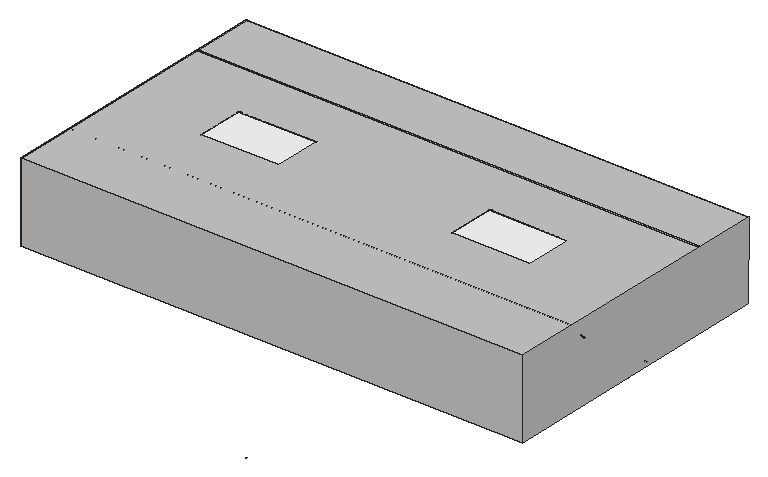
Revit family "QF_ELECTROLUXPROFESSIONAL_642040_EC1832T", category Specialty Equipment, Revit 2014
Reference planes
  plane 1: z = 0
  plane 2 "Center (Left/Right)": x = 150
  plane 3 "LEFT": x = -1450
  plane 4 "RIGHT": x = 1750
  plane 5 "BACK": y = 550
  plane 6 "TOP": z = 2500
  plane 7 "Base": z = 2000
  plane 8: z = 1946
  plane 9: x = -1447
  plane 10 "DrainX": x = 1599
  plane 11 "AOLeft2": x = -400
  plane 12 "AORight1": x = 700
  plane 13: x = 1747
  plane 14: x = -1250
  plane 15: x = 1550
  plane 16: x = 50
  plane 17: x = 250
  plane 18 "AOLeft1": x = -900
  plane 19 "AORight2": x = 1200
  plane 20: y = -200
  plane 21 "Front": y = -1250
  plane 22: through (0, 60.354, 2382.279) normal (0, 0.766, -0.6428)
  plane 23: through (0, -760.351, 2382.279) normal (0, -0.766, -0.6428)
  plane 24: through (0, 72.154, 2402.468) normal (0, -0.753, 0.6581)
  plane 25: through (0, -772.152, 2402.468) normal (0, -0.753, -0.6581)
  plane 26 "Center (Front/Back)": y = -350
  plane 27: y = -500
Forms (mm)
  Extrusion 1, solid, material "QF_Finishes_Stainless Steel"
    sketch origin (-1450, 0, 360) x (0, 1, 0) y (0, 0, 1)
      loop
        line (550, 1640) -> (550, 2140) -> (-1250, 2140) -> (-1250, 1640) -> (550, 1640)
    from 0 to 3
  Extrusion 2, solid, material "QF_Finishes_Stainless Steel"
    sketch origin (1750, 0, 360) x (0, 1, 0) y (0, 0, 1)
      loop
        line (550, 1640) -> (550, 2140) -> (-1250, 2140) -> (-1250, 1640) -> (550, 1640)
    from 0 to -3
  Extrusion 3, solid, material "QF_Finishes_Stainless Steel"
    sketch origin (150, 0, 360) x (0, 1, 0) y (0, 0, 1)
      loop
        line (-1250, 2140) -> (-1250, 1640) -> (-1240, 1640) -> (-1240, 1640.8) -> (-1249.2, 1640.8) -> (-1249.2, 2139.19) -> (549.2, 2139.19) -> (549.2, 1640.8) -> (540, 1640.8) -> (540, 1640) -> (550, 1640) -> (550, 2140) -> (-1250, 2140)
    from -1600 to 1600
  Extrusion 4, solid, material "QF_Finishes_Stainless Steel"
    sketch origin (0, -900, 2000) x (0, 1, 0) y (-1, 0, 0)
      loop
        circle (550, -1599) r 6.35
    from -3.799 to 0
  Extrusion 5, void
    sketch origin (0, 200, 2500) x (0, 1, 0) y (-1, 0, 0)
      loop
        line (-400, 400) -> (-400, 900) -> (-700, 900) -> (-700, 400) -> (-400, 400)
    from 0 to -10
  Extrusion 6, solid, material "QF_Finishes_Stainless Steel"
    sketch origin (0, 0, 0) x (1, 0, 0) y (0, 1, 0)
      loop
        line (-1450, 550) -> (-1450, 549) -> (-1449, 549) -> (-1449, 550) -> (-1450, 550)
    from 0 to 1
  Extrusion 7, solid, material "QF_Finishes_Stainless Steel"
    sketch origin (150, -200, 360) x (0, 1, 0) y (0, 0, 1)
      loop
        line (-79.471, 1685.734) -> (-56.882, 1665.992) -> (272.154, 2042.468) -> (249.566, 2062.21) -> (-79.471, 1685.734)
      loop
        line (-572.152, 2042.468) -> (-243.115, 1665.992) -> (-220.526, 1685.734) -> (-549.563, 2062.21) -> (-572.152, 2042.468)
    from -1400 to -1597
  Extrusion 8, solid, material "QF_Finishes_Stainless Steel"
    sketch origin (150, -200, 360) x (0, 1, 0) y (0, 0, 1)
      loop
        line (360.354, 2141.454) -> (357.903, 2143.511) -> (264.331, 2031.996) -> (266.169, 2030.453) -> (357.41, 2139.19) -> (358.454, 2139.19) -> (360.354, 2141.454)
      loop
        line (-39.202, 1672.761) -> (-56.017, 1663.363) -> (-81.407, 1685.429) -> (-81.974, 1684.862) -> (-54.914, 1661.345) -> (-90.242, 1641.601) -> (-209.758, 1641.601) -> (-245.086, 1661.345) -> (-218.026, 1684.862) -> (-218.593, 1685.429) -> (-243.983, 1663.363) -> (-260.798, 1672.761) -> (-262.311, 1670.055) -> (-209.966, 1640.801) -> (-90.034, 1640.801) -> (-37.689, 1670.055) -> (-39.202, 1672.761)
      loop
        line (-560.354, 2022.279) -> (-557.903, 2024.336) -> (-564.331, 2031.996) -> (-566.169, 2030.453) -> (-657.41, 2139.19) -> (-658.454, 2139.19) -> (-560.354, 2022.279)
    from -1597 to 1597
  Extrusion 9, solid, material "QF_Finishes_Stainless Steel"
    sketch origin (150, -200, 360) x (0, 1, 0) y (0, 0, 1)
      loop
        line (272.154, 2042.468) -> (249.566, 2062.21) -> (-79.471, 1685.734) -> (-56.882, 1665.992) -> (272.154, 2042.468)
      loop
        line (-572.154, 2042.468) -> (-243.118, 1665.992) -> (-220.529, 1685.734) -> (-549.566, 2062.21) -> (-572.154, 2042.468)
    from 1597 to 1400
  Extrusion 10, solid, material "QF_Finishes_Stainless Steel"
    sketch origin (150, -200, 360) x (0, 1, 0) y (0, 0, 1)
      loop
        line (272.154, 2042.468) -> (249.566, 2062.21) -> (-79.471, 1685.734) -> (-56.882, 1665.992) -> (272.154, 2042.468)
      loop
        line (-572.154, 2042.468) -> (-243.118, 1665.992) -> (-220.529, 1685.734) -> (-549.566, 2062.21) -> (-572.154, 2042.468)
    from -100 to 100
  Extrusion 11, solid, material "QF_Finished_Chrome"
    sketch origin (150, -200, 360) x (0, 1, 0) y (0, 0, 1)
      loop
        line (249.566, 2062.21) -> (-79.471, 1685.734) -> (-56.882, 1665.992) -> (272.154, 2042.468) -> (249.566, 2062.21)
      loop
        line (-549.566, 2062.21) -> (-572.154, 2042.468) -> (-243.118, 1665.992) -> (-220.529, 1685.734) -> (-549.566, 2062.21)
    from -1400 to -100
  Extrusion 12, solid, material "QF_Finished_Chrome"
    sketch origin (150, -200, 360) x (0, 1, 0) y (0, 0, 1)
      loop
        line (272.154, 2042.468) -> (249.566, 2062.21) -> (-79.471, 1685.734) -> (-56.882, 1665.992) -> (272.154, 2042.468)
      loop
        line (-572.154, 2042.468) -> (-243.118, 1665.992) -> (-220.529, 1685.734) -> (-549.566, 2062.21) -> (-572.154, 2042.468)
    from 100 to 1400
  Sweep 13, solid, material "QF_Finishes_Stainless Steel"
    path origin (0, 0, 0) x (1, 0, 0) y (0, 1, 0)
      loop
        line (1750, 550) -> (-1450, 550) -> (-1450, -1250) -> (1750, -1250) -> (1750, 550)
    profile origin (1750, -350, 0) x (1, 0, 0) y (0, 0, 1)
      loop
        line (-3, 2000) -> (-3, 2000.8) -> (-19, 2000.8) -> (-19, 2010) -> (-20, 2010) -> (-20, 2000) -> (-3, 2000)
  Extrusion 14, void
    sketch origin (0, 200, 2500) x (0, 1, 0) y (-1, 0, 0)
      loop
        line (-400, -1200) -> (-400, -700) -> (-700, -700) -> (-700, -1200) -> (-400, -1200)
    from 0 to -10
  Extrusion 15, solid, material "QF_Finishes_Stainless Steel"
    sketch origin (1599, 0, 0) x (0, 1, 0) y (0, 0, 1)
      loop
        arc (-305.856, 1994.063) -> (-304.108, 1996.894) -> (-300.97, 1998.001) r 5
        line (-300.97, 1998.001) -> (-295, 1998.001) -> (-295, 2000.8) -> (-405, 2000.8) -> (-405, 1998.001) -> (-399.03, 1998.001)
        arc (-399.03, 1998.001) -> (-395.892, 1996.894) -> (-394.144, 1994.063) r 5
        line (-394.144, 1994.063) -> (-387.14, 1955.845)
        arc (-387.14, 1955.845) -> (-382.769, 1948.768) -> (-374.925, 1946) r 12.5
        line (-374.925, 1946) -> (-325.075, 1946)
        arc (-325.075, 1946) -> (-317.231, 1948.768) -> (-312.86, 1955.845) r 12.5
        line (-312.86, 1955.845) -> (-305.856, 1994.063)
    from -90 to 90
Cuts and joins
  Extrusion 5, Extrusion 14 cuts Extrusion 3
  joined: Extrusion 2, Extrusion 3, Sweep 13
Lines and regions (mm)
  symbolic lines, style "SpecialityEquipment", detail levels coarse
    curve 1: line (1750, 550, 2500) -> (-1450, 550, 2500)
    curve 2: line (-1450, 550, 2500) -> (-1450, -1250.8, 2500)
    curve 3: line (1750, -1250.8, 2500) -> (1750, 550, 2500)
    curve 4: line (-1450, 550, 0) -> (1750, -1250, 0)
    curve 5: line (1750, 550, 0) -> (-1450, -1250, 0)
  symbolic lines, detail levels coarse
    curve 6: line (-1450, -1250, 0) -> (1750, -1250, 0)
    curve 7: line (-900, -500, 0) -> (-400, -500, 0)
    curve 8: line (-900, -200, 0) -> (-900, -500, 0)
    curve 9: line (-400, -200, 0) -> (-900, -200, 0)
    curve 10: line (-400, -500, 0) -> (-400, -200, 0)
    curve 11: line (700, -200, 0) -> (700, -500, 0)
    curve 12: line (1200, -200, 0) -> (700, -200, 0)
    curve 13: line (1200, -500, 0) -> (1200, -200, 0)
    curve 14: line (700, -500, 0) -> (1200, -500, 0)
Dimensions and locks
  plane 3 "LEFT" to plane 4 "RIGHT" = 3200 mm
  equal spacing: plane 3 "LEFT", plane 2 "Center (Left/Right)", plane 4 "RIGHT"
  plane 3 "LEFT" to plane 9 = 3 mm
  plane 10 "DrainX" to plane 4 "RIGHT" = 151 mm
  plane 13 to plane 4 "RIGHT" = 3 mm
  plane 3 "LEFT" to plane 14 = 200 mm
  plane 15 to plane 4 "RIGHT" = 200 mm
  locked: plane 11 "AOLeft2" to plane 12 "AORight1" at 1100
  equal spacing: plane 11 "AOLeft2", plane 2 "Center (Left/Right)", plane 12 "AORight1"
  locked: plane 7 "Base" to level at 2000
  locked: plane 16 to plane 17 at 200
  equal spacing: plane 16, plane 2 "Center (Left/Right)", plane 17
  plane 18 "AOLeft1" to plane 11 "AOLeft2" = 500 mm
  plane 12 "AORight1" to plane 19 "AORight2" = 500 mm
  plane 7 "Base" to plane 8 = 54 mm
  plane 5 "BACK" to plane 21 "Front" = 1800 mm  (x2)
  equal spacing: plane 5 "BACK", plane 26 "Center (Front/Back)", plane 21 "Front"
  locked: plane 6 "TOP" to plane 7 "Base" at 500
  plane 27 to plane 20 = 300 mm
  equal spacing: plane 27, plane 26 "Center (Front/Back)", plane 20
  aligned and locked: level to plane 1
  aligned and locked: plane 4 "RIGHT" to Extrusion 3
  aligned and locked: Extrusion 3 to plane 3 "LEFT"
  aligned and locked: Extrusion 7 to plane 9
  aligned and locked: plane 14 to Extrusion 7
  aligned and locked: Extrusion 2 to plane 13
  aligned and locked: plane 13 to Extrusion 9
  aligned and locked: plane 15 to Extrusion 9
  aligned and locked: plane 17 to Extrusion 10
  aligned and locked: Extrusion 10 to plane 16
  aligned and locked: plane 16 to Extrusion 11
  aligned and locked: Extrusion 11 to plane 14
  aligned and locked: Extrusion 12 to plane 17
  aligned and locked: Extrusion 12 to plane 15
  aligned and locked: Extrusion 8 to plane 9
  aligned and locked: plane 13 to Extrusion 8
  aligned and locked: Extrusion 5 to plane 18 "AOLeft1"
  aligned and locked: Extrusion 5 to plane 11 "AOLeft2"
  aligned and locked: plane 12 "AORight1" to Extrusion 14
  aligned and locked: plane 19 "AORight2" to Extrusion 14
  aligned and locked: plane 21 "Front" to Sweep 13 sketch curve
  aligned and locked: plane 27 to Extrusion 14
  aligned and locked: plane 27 to Extrusion 5
  aligned and locked: plane 20 to Extrusion 14
  aligned and locked: plane 20 to Extrusion 5
  aligned and locked: curve 7 to Extrusion 5
  aligned and locked: curve 8 to Extrusion 5
  aligned and locked: curve 9 to Extrusion 5
  aligned and locked: curve 10 to Extrusion 5
  aligned and locked: curve 11 to Extrusion 14
  aligned and locked: curve 12 to Extrusion 14
  aligned and locked: curve 13 to Extrusion 14
  aligned and locked: curve 14 to Extrusion 14
Automatic sketch dimensions
  curve 2 to plane 3 "LEFT" = 0 mm
  curve 3 to plane 4 "RIGHT" = 0 mm
  curve 2 to plane 5 "BACK" = 0 mm
  Extrusion 1 sketch curve to plane 7 "Base" = 0 mm
  Extrusion 1 sketch curve to plane 5 "BACK" = 0 mm
  Extrusion 1 sketch curve to plane 6 "TOP" = 0 mm
  Extrusion 2 sketch curve to plane 7 "Base" = 0 mm
  Extrusion 2 sketch curve to plane 5 "BACK" = 0 mm
  Extrusion 2 sketch curve to plane 6 "TOP" = 0 mm
  Extrusion 3 sketch curve to plane 6 "TOP" = 0 mm
  Extrusion 3 sketch curve to plane 7 "Base" = 0 mm  (x2)
  Extrusion 3 sketch curve to plane 5 "BACK" = 0 mm
  Extrusion 3 sketch curve to Extrusion 3 sketch curve = 9.2 mm
  plane 7 "Base" to Extrusion 3 sketch curve = 0.8 mm  (x2)
  Extrusion 3 sketch curve to plane 5 "BACK" = 10 mm
  Extrusion 3 sketch curve to plane 5 "BACK" = 0.8 mm
  Extrusion 3 sketch curve to plane 6 "TOP" = 0.81 mm
  Extrusion 4 sketch curve to plane 10 "DrainX" = 0 mm
  Extrusion 5 sketch curve to plane 11 "AOLeft2" = 0 mm
  Extrusion 5 sketch curve to plane 18 "AOLeft1" = 0 mm
  Extrusion 6 sketch curve to plane 3 "LEFT" = 0 mm
  Extrusion 6 sketch curve to plane 5 "BACK" = 0 mm
  plane 3 "LEFT" to Extrusion 6 sketch curve = 1 mm
  Extrusion 6 sketch curve to Extrusion 6 sketch curve = 1 mm
  Sweep 13 sketch curve to plane 3 "LEFT" = 0 mm
  Sweep 13 sketch curve to plane 4 "RIGHT" = 0 mm
  Sweep 13 sketch curve to plane 5 "BACK" = 0 mm
  profile plane to Sweep 13 sketch curve = 20 mm
  Sweep 13 sketch curve to Sweep 13 sketch curve = 1 mm
  profile plane to Sweep 13 sketch curve = 3 mm
  level to Sweep 13 sketch curve = 2000 mm
  Sweep 13 sketch curve to Sweep 13 sketch curve = 0.8 mm
  Sweep 13 sketch curve to Sweep 13 sketch curve = 9.2 mm
  Extrusion 14 sketch curve to plane 11 "AOLeft2" = 1600 mm
  plane 18 "AOLeft1" to Extrusion 14 sketch curve = 1600 mm
  Extrusion 14 sketch curve to Extrusion 14 sketch curve = 300 mm
  Extrusion 3 sketch curve to Extrusion 3 sketch curve = 0.8 mm
  curve 5 to plane 3 "LEFT" = 0 mm
  curve 4 to plane 3 "LEFT" = 0 mm
  curve 5 to plane 4 "RIGHT" = 0 mm
  curve 6 to plane 4 "RIGHT" = 0 mm
  curve 4 to plane 5 "BACK" = 0 mm
  curve 5 to plane 5 "BACK" = 0 mm
  curve 6 to plane 21 "Front" = 0 mm
  Extrusion 7 sketch curve to plane 24 = 0 mm  (x2)
  Extrusion 7 sketch curve to plane 6 "TOP" = 77.79 mm  (x2)
  plane 7 "Base" to Extrusion 7 sketch curve = 25.992 mm  (x2)
  plane 7 "Base" to Extrusion 7 sketch curve = 45.734 mm
  Extrusion 7 sketch curve to plane 25 = 0 mm
  plane 25 to Extrusion 7 sketch curve = 0 mm
  Extrusion 11 sketch curve to plane 24 = 0 mm  (x2)
  Extrusion 11 sketch curve to plane 6 "TOP" = 77.79 mm  (x2)
  Extrusion 11 sketch curve to Extrusion 11 sketch curve = 22.589 mm
  plane 7 "Base" to Extrusion 11 sketch curve = 25.992 mm  (x2)
  Extrusion 10 sketch curve to plane 24 = 0 mm  (x2)
  Extrusion 10 sketch curve to plane 6 "TOP" = 77.79 mm  (x2)
  Extrusion 10 sketch curve to Extrusion 10 sketch curve = 22.589 mm
  plane 7 "Base" to Extrusion 10 sketch curve = 25.992 mm  (x2)
  Extrusion 12 sketch curve to plane 24 = 0 mm  (x2)
  Extrusion 12 sketch curve to plane 6 "TOP" = 77.79 mm  (x2)
  Extrusion 12 sketch curve to Extrusion 12 sketch curve = 22.589 mm
  plane 7 "Base" to Extrusion 12 sketch curve = 25.992 mm  (x2)
  Extrusion 9 sketch curve to plane 24 = 0 mm  (x2)
  Extrusion 9 sketch curve to plane 6 "TOP" = 77.79 mm  (x2)
  Extrusion 9 sketch curve to Extrusion 9 sketch curve = 22.589 mm
  plane 7 "Base" to Extrusion 9 sketch curve = 25.992 mm  (x2)
  Extrusion 4 sketch curve to plane 20 = 150 mm
  plane 7 "Base" to Extrusion 9 sketch curve = 45.734 mm
  plane 7 "Base" to Extrusion 10 sketch curve = 45.734 mm
  plane 7 "Base" to Extrusion 11 sketch curve = 45.734 mm
  plane 7 "Base" to Extrusion 12 sketch curve = 45.734 mm
  plane 26 "Center (Front/Back)" to Extrusion 5 sketch curve = 150 mm
  plane 22 to Extrusion 8 sketch curve = 0 mm  (x2)
  Extrusion 8 sketch curve to plane 6 "TOP" = 0.81 mm  (x2)
  plane 21 "Front" to Extrusion 8 sketch curve = 391.546 mm
  Extrusion 8 sketch curve to Extrusion 8 sketch curve = 1.044 mm
  Extrusion 8 sketch curve to plane 6 "TOP" = 109.547 mm  (x2)
  Extrusion 8 sketch curve to Extrusion 8 sketch curve = 91.241 mm
  Extrusion 8 sketch curve to plane 6 "TOP" = 108.004 mm  (x2)
  Extrusion 8 sketch curve to plane 6 "TOP" = 117.721 mm
  plane 7 "Base" to Extrusion 8 sketch curve = 30.055 mm
  plane 7 "Base" to Extrusion 8 sketch curve = 32.761 mm  (x2)
  Extrusion 8 sketch curve to Extrusion 8 sketch curve = 1.512 mm
  plane 7 "Base" to Extrusion 8 sketch curve = 21.345 mm  (x2)
  Extrusion 8 sketch curve to Extrusion 8 sketch curve = 17.225 mm
  plane 7 "Base" to Extrusion 8 sketch curve = 23.363 mm  (x2)
  Extrusion 8 sketch curve to Extrusion 8 sketch curve = 25.389 mm  (x2)
  Extrusion 8 sketch curve to Extrusion 8 sketch curve = 0.567 mm  (x4)
  plane 7 "Base" to Extrusion 8 sketch curve = 0.801 mm
  Extrusion 8 sketch curve to Extrusion 8 sketch curve = 0.208 mm  (x2)
  plane 7 "Base" to Extrusion 8 sketch curve = 1.601 mm
  Extrusion 8 sketch curve to Extrusion 8 sketch curve = 8.268 mm
  Extrusion 8 sketch curve to Extrusion 8 sketch curve = 1.103 mm
  Extrusion 8 sketch curve to Extrusion 8 sketch curve = 16.816 mm
  plane 20 to Extrusion 8 sketch curve = 357.903 mm
  Extrusion 8 sketch curve to Extrusion 8 sketch curve = 2.451 mm
  Extrusion 8 sketch curve to Extrusion 8 sketch curve = 21.498 mm  (x2)
  curve 3 to plane 21 "Front" = 0.8 mm
  curve 2 to plane 21 "Front" = 0.8 mm
  Extrusion 1 sketch curve to plane 21 "Front" = 0 mm
  Extrusion 2 sketch curve to plane 21 "Front" = 0 mm
  Extrusion 3 sketch curve to plane 21 "Front" = 0 mm
  Extrusion 5 sketch curve to plane 26 "Center (Front/Back)" = 150 mm
  Extrusion 7 sketch curve to plane 26 "Center (Front/Back)" = 399.563 mm
  Extrusion 8 sketch curve to plane 26 "Center (Front/Back)" = 112.311 mm
  plane 26 "Center (Front/Back)" to Extrusion 8 sketch curve = 59.758 mm
  Extrusion 9 sketch curve to plane 26 "Center (Front/Back)" = 70.529 mm
  Extrusion 9 sketch curve to plane 26 "Center (Front/Back)" = 399.566 mm
  Extrusion 10 sketch curve to plane 26 "Center (Front/Back)" = 70.529 mm
  Extrusion 10 sketch curve to plane 26 "Center (Front/Back)" = 399.566 mm
  Extrusion 11 sketch curve to plane 26 "Center (Front/Back)" = 70.529 mm
  Extrusion 11 sketch curve to plane 26 "Center (Front/Back)" = 399.566 mm
  Extrusion 12 sketch curve to plane 26 "Center (Front/Back)" = 70.529 mm
  Extrusion 12 sketch curve to plane 26 "Center (Front/Back)" = 399.566 mm
  Extrusion 14 sketch curve to plane 20 = 0 mm
  Extrusion 15 sketch curve to plane 8 = 0 mm
  Extrusion 15 sketch curve to plane 7 "Base" = 1.999 mm  (x2)
  Extrusion 15 sketch curve to plane 26 "Center (Front/Back)" = 55 mm
  Extrusion 15 sketch curve to Extrusion 15 sketch curve = 5.97 mm  (x2)
  Extrusion 15 sketch curve to plane 7 "Base" = 5.937 mm  (x2)
  Extrusion 15 sketch curve to Extrusion 15 sketch curve = 4.886 mm  (x2)
  plane 8 to Extrusion 15 sketch curve = 9.845 mm  (x2)
  Extrusion 15 sketch curve to plane 26 "Center (Front/Back)" = 37.14 mm
  Extrusion 15 sketch curve to Extrusion 15 sketch curve = 12.215 mm  (x2)
  plane 26 "Center (Front/Back)" to Extrusion 15 sketch curve = 24.925 mm
  Extrusion 15 sketch curve to Extrusion 15 sketch curve = 7.004 mm
  plane 7 "Base" to Extrusion 15 sketch curve = 0.8 mm
  radius of Extrusion 4 sketch curve = 6.35 mm
Connectors
  piping at (1599, -350, 1996.201), diameter 12.7
    settings: on Extrusion 4, index 1, connector inside diameter 609.6 mm, connector length 0 mm, flow factor 0, pipe flow 0.0 L/s, pressure drop 0.0 Pa, fitting loss kfactor 0, connector angle 0.00°, fixture units 0, engagement length 0 mm, angle of deflection 0.00°, flow configuration 1, flow direction 2, fitting loss method 0, system type 16, joint type 0, gender type 0, connector reference index -1, connector utility 0, adjustable connector no, is connector primary yes, connector description "Drain"
  hvac at (-650, -350, 2500)
    settings: on Extrusion 5, index 2, duct flow 0.0 L/s, flow factor 0, pres drop 0.0 Pa, loss coef 0, conn angle 0.00°, conn width 300 mm, conn height 500 mm, conn diameter 609.6 mm, duct sys type 3, conn prof type 1, flow config 1, flow direction 2, loss method 0, conn ref index -1, conn util no, is conn primary yes, conn desc "EXHAUST OUTLET"
  hvac at (950, -350, 2500)
    settings: on Extrusion 14, index 3, duct flow 0.0 L/s, flow factor 0, pres drop 0.0 Pa, loss coef 0, conn angle 0.00°, conn width 300 mm, conn height 500 mm, conn diameter 609.6 mm, duct sys type 3, conn prof type 1, flow config 1, flow direction 2, loss method 0, conn ref index -1, conn util no, is conn primary no, conn desc "EXHAUST OUTLET"
